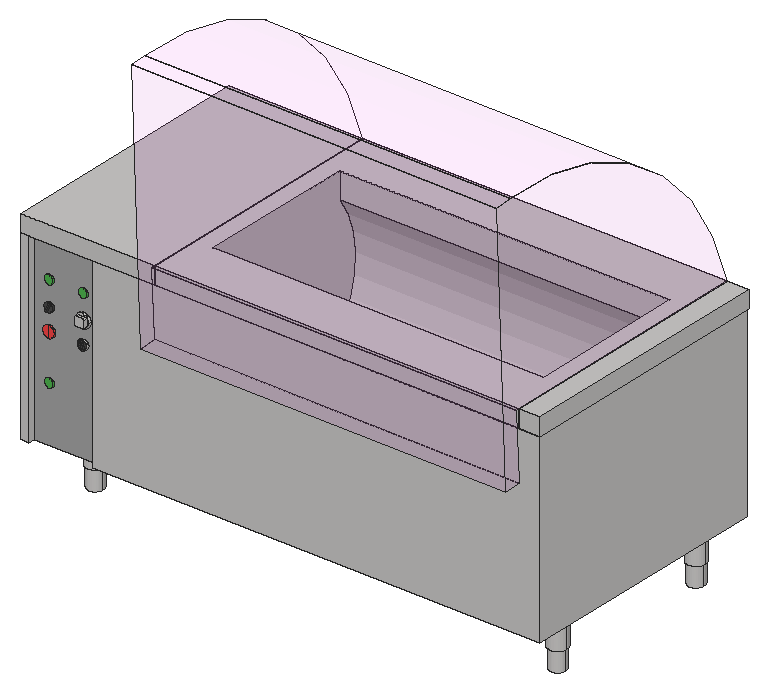
Revit family "QF_ELECTROLUXPROFESSIONAL_660036_LV500R", category Attrezzature speciali, Revit 2020
Family settings
  Quota connettore circolare = Usa diametro
  Tipo di parte = Normale
  Basato su piano di lavoro = No
  Sempre verticale = Sì
  Taglio con vuoti quando caricato = No
  Condiviso = No
  Punto di calcolo locali = No
Parameters (values of type "Standard")
  Weight = 242.00 kg
  Watts = 1600 W
  Volts = 400 V
  URL Manufacturer = "https://www.electroluxprofessional.com/"
  URL = "https://www.electroluxprofessional.com/"
  Steam Supply Size = 0 mm
  Steam Supply Minimum Pressure = 0.0 Pa
  Steam Supply Maximum Pressure = 0.0 Pa
  Steam Consumption per Hour = 0
  Show Clearance [instance] = yes
  Refrigeration Suction Line Size = 0 mm
  Refrigeration Liquid Line Size = 0 mm
  Refrigerant Compressor Remote = yes
  Prospetto di default = 0 mm
  Produttore = "Electrolux Professional"
  Phase = 3
  Modello = "LV500R"
  Length Actual = 1800 mm  # constant formula
  Item Number = "660036"
  Hot Water Size = 0 mm
  Height Actual = 850 mm  # constant formula
  HP = "2.1 HP"
  Gas Size = 0 mm
  Gas KW = 0
  Gas Input Pressure = 0 W
  Direct Waste Size = 50.8 mm
  Descrizione = "TILTING BASKET VEGETABLE WASHER KG 14/70"
  Depth Actual = 1000 mm  # constant formula
  Cycle = 50 Hz
  Condensate Return Size = 0 mm
  Compressed Air Volume = 0.0 L/s
  Compressed Air Size = 0 mm
  Compressed Air Pressure = 0.0 Pa
  Cold Water Size = 25.4 mm
  Accessory = yes
Reference planes
  plane 1 "Center (Front/Back)": y = 0
  plane 2: z = 0
  plane 3 "Center (Left/Right)": x = 0
  plane 4: x = 0
  plane 5: z = 200
  plane 6: y = -450
  plane 7: z = 900
  plane 8 "RIGHT": x = 900
  plane 9 "LEFT": x = -900
  plane 10 "FRONT": y = -900
  plane 11: z = 1570
  plane 12: z = 670
  plane 13: y = -1000
  plane 14: x = -605
  plane 15: y = -138
  plane 16: through (-820, -660, 4198) normal (-0.7071, -0.7071, 0)
  plane 17: through (-820, -640, 4198) normal (0.7071, -0.7071, 0)
  plane 18: x = -605
  plane 19: y = -138
  plane 20: x = -434
Forms (mm)
  Extrusion 1, solid, material "QF_Finishes_Stainless Steel"
    sketch origin (0, 0, 0) x (1, 0, 0) y (0, 1, 0)
      loop
        line (-900, 0) -> (-900, -900) -> (-435.653, -900) -> (-435.653, 0) -> (-900, 0)
    from 840 to 900
  Extrusion 2, solid, material "QF_Finishes_Stainless Steel"
    sketch origin (400, 0, 0) x (1, 0, 0) y (0, 1, 0)
      loop
        line (-1300, -7.289) -> (-1300, -900) -> (-1270, -900) -> (-1270, -865) -> (-1050, -865) -> (-1050, -900) -> (500, -900) -> (500, -7.289) -> (-1300, -7.289)
    from 200 to 840
  Extrusion 3, void
    sketch origin (400, 0, 0) x (1, 0, 0) y (0, 1, 0)
      loop
        line (-835.653, -20) -> (-835.653, -885) -> (428.5, -885) -> (428.5, -20) -> (-835.653, -20)
    from 215.087 to 840
  Extrusion 4, solid, material "QF_Finishes_Stainless Steel"
    sketch origin (0, 0, 0) x (0, 1, 0) y (0, 0, 1)
      loop
        line (0, 900) -> (-900, 900) -> (-900, 840) -> (-730, 840)
        arc (-730, 840) -> (-450, 249.038) -> (-170, 840) r 361.814
        line (-170, 840) -> (0, 840) -> (0, 900)
    from -435.653 to 825
  Extrusion 5, void
    sketch origin (0, 0, 0) x (0, 1, 0) y (0, 0, 1)
      loop
        line (-176, 809.169) -> (-176, 922) -> (-724, 922) -> (-724, 809.169)
        arc (-724, 809.169) -> (-450, 265.684) -> (-176, 809.169) r 340.811
    from -374.256 to 770
  Extrusion 6, solid, material "QF_Finishes_Door Clearance", visible <- "Show Clearance"
    sketch origin (0, -100.892, 1606.048) x (0, -0.044534, 0.999008) y (0, -0.999008, -0.044534)
      loop
        line (0, 900) -> (-900, 900) -> (-900, 840) -> (-669.303, 840) -> (-709.841, -69.348)
        arc (-709.841, -69.348) -> (-190.07, 256.643) -> (0, 840) r 900
        line (0, 840) -> (0, 900)
    from -435.653 to 828.5
  Extrusion 7, solid, material "QF_Finishes_Gray"
    sketch origin (-148.75, 21.25, 0) x (1, 0, 0) y (0, 1, 0)
      loop
        line (-718.75, -888.75) -> (-718.75, -898.75) -> (-503.419, -898.75) -> (-503.419, -888.75) -> (-718.75, -888.75)
    from 200 to 840
  Extrusion 8, solid, material "QF_Finishes_Stainless Steel"
    sketch origin (-232.186, 2.692, 195) x (1, 0, 0) y (0, 1, 0)
      loop
        circle (-372.814, -140.692) r 8
    from 0 to 5
  Extrusion 9, solid, material "QF_Finishes_Stainless Steel"
    sketch origin (-447.596, -507.286, 198) x (1, 0, 0) y (0, 1, 0)
      loop
        line (-392.404, -132.714) -> (-392.404, -152.714) -> (-372.404, -152.714) -> (-372.404, -132.714) -> (-392.404, -132.714)
    from 0 to 2
  Extrusion 10, solid, material "QF_Finishes_Stainless Steel"
    sketch origin (1250, 0, 0) x (1, 0, 0) y (0, 1, 0)
      loop
        line (-425, 0) -> (-425, -900) -> (-350, -900) -> (-350, 0) -> (-425, 0)
    from 840 to 900
  Extrusion 11, solid, material "QF_Finishes_Stainless Steel"
    sketch origin (-232.186, 2.692, 195) x (1, 0, 0) y (0, 1, 0)
      loop
        circle (-372.814, -140.692) r 8
    from 0 to 5
  Extrusion 12, solid, material "QF_Finishes_Stainless Steel"
    sketch origin (-61.186, 32.711, 350.692) x (1, 0, 0) y (0, 0, 1)
      loop
        circle (-372.814, -140.692) r 8
    from 0 to 40
Cuts and joins
  Extrusion 3 cuts Extrusion 2
  Extrusion 5 cuts Extrusion 4
Dimensions and locks
  plane 7 to level = 900 mm
  plane 9 "LEFT" to plane 8 "RIGHT" = 1800 mm
  plane 1 "Center (Front/Back)" to plane 10 "FRONT" = 900 mm  (x2)
  plane 11 to level = 1570 mm
  plane 12 to level = 670 mm
  cut or joined group of Extrusion 2, Extrusion 3 to cut or joined group of Extrusion 2, Extrusion 3 = 1800 mm
  Extrusion 1 to level = 900 mm
  level to plane 5 = 200 mm
  plane 10 "FRONT" to plane 13 = 100 mm
  cut or joined group of Extrusion 2, Extrusion 3 to level = 200 mm
  nested 8 to plane 9 "LEFT" = 99.9 mm
  nested 10 to nested 8 = 1600.2 mm
  plane 8 "RIGHT" to nested 10 = 99.9 mm
  Extrusion 1 to cut or joined group of Extrusion 2, Extrusion 3 = 700 mm
  aligned and locked: level to plane 2
Nested families
  nested 1: "SPIA_GREEN - GRANDE" at (-816.25, -877.5, 715) x (-1, 0, 0) z (0, -1, 0), type "SPIA_GREEN - GRANDE"
  nested 2: "SPIA_GREEN - GRANDE" at (-698.75, -877.5, 715) x (-1, 0, 0) z (0, -1, 0), type "SPIA_GREEN - GRANDE"
  nested 3: "SPIA_GREEN - GRANDE" at (-816.25, -877.5, 395) x (-1, 0, 0) z (0, -1, 0), type "SPIA_GREEN - GRANDE"
  nested 4: "BOTTONE ROSSO LAVAVERDURE" at (-815.624, -877.5, 554.987) x (-1, 0, 0) z (0, -1, 0), type "BOTTONE ROSSO LAVAVERDURE"
  nested 5: "MANOPOLA NERA" at (-816.25, -877.5, 630) x (-0.8829, 0, 0.4695) z (0, -1, 0), type "MANOPOLA NERA"
  nested 6: "MANOPOLA NERA e ARGENTO" at (-699.256, -877.5, 554.259) x (-0.9455, 0, -0.3256) z (0, -1, 0), type "MANOPOLA NERA e ARGENTO"
  nested 7: "MANOPOLA ARGENTO" at (-699, -877.5, 630) x (-1, 0, 0) z (0, -1, 0), type "MANOPOLA ARGENTO"
  nested 8: "Piedino H200 - DISHWASHING" at (-800.1, -700, 0), type "Piedino H200 - DISHWASHING"
    with H 200 mm
  nested 9: "Piedino H200 - DISHWASHING" at (-800.1, -100, 0), type "Piedino H200 - DISHWASHING"
    with H 200 mm
  nested 10: "Piedino H200 - DISHWASHING" at (800.1, -700, 0) x (-1, 0, 0) z (0, 0, 1), type "Piedino H200 - DISHWASHING"
    with H 200 mm
  nested 11: "Piedino H200 - DISHWASHING" at (800.1, -100, 0) x (-1, 0, 0) z (0, 0, 1), type "Piedino H200 - DISHWASHING"
    with H 200 mm
Connectors
  piping at (-605, -138, 195), diameter 12.7
    settings: on Extrusion 8, index 22, connector inside diameter 609.6 mm, connector length 0 mm, flow factor 0, pipe flow 0.0 L/s, pressure drop 0.0 Pa, fitting loss kfactor 0, connector angle 0.00°, fixture units 0, engagement length 0 mm, angle of deflection 0.00°, flow configuration 0, flow direction 0, fitting loss method 0, system type 29, joint type 0, gender type 0, connector reference index -1, connector utility 0, adjustable connector no, is connector primary yes, connector description ""
  electrical at (-830, -650, 198)
    settings: on Extrusion 9, index 24, voltage 0 V, apparent load 0 VA, apparent load phase1 0 VA, apparent load phase2 0 VA, apparent load phase3 0 VA, power factor 1, load classification "Altro", number of poles 1, system type 30, power factor state 1, is connector primary yes, connector utility no, sub classification motor no, connector description "EI"
  piping at (-605, -138, 195), diameter 12.7
    settings: on Extrusion 11, index 26, connector inside diameter 609.6 mm, connector length 0 mm, flow factor 0, pipe flow 0.0 L/s, pressure drop 0.0 Pa, fitting loss kfactor 0, connector angle 0.00°, fixture units 0, engagement length 0 mm, angle of deflection 0.00°, flow configuration 0, flow direction 0, fitting loss method 0, system type 29, joint type 0, gender type 0, connector reference index -1, connector utility 0, adjustable connector no, is connector primary no, connector description "D"
  piping at (-434, 32.711, 210), diameter 12.7
    settings: on Extrusion 12, index 32, connector inside diameter 609.6 mm, connector length 0 mm, flow factor 0, pipe flow 0.0 L/s, pressure drop 0.0 Pa, fitting loss kfactor 0, connector angle 0.00°, fixture units 0, engagement length 0 mm, angle of deflection 0.00°, flow configuration 0, flow direction 0, fitting loss method 0, system type 29, joint type 0, gender type 0, connector reference index -1, connector utility 0, adjustable connector no, is connector primary no, connector description "CWI"
Definition of nested family "SPIA_GREEN - GRANDE"
  Parameters
    Default Elevation = 1219.2 mm
  Reference planes
    plane 1 "Centro (Fronte/Retro)": y = 0
    plane 2: z = 0
    plane 3 "Centro (Sinistra/Destra)": x = 0
  Forms (mm)
    Extrusion 1, solid
      sketch origin (0, 0, 0) x (1, 0, 0) y (0, 1, 0)
        loop
          line (-1219.2, 1219.2) -> (-1219.2, -1219.2) -> (1219.2, -1219.2) -> (1219.2, 1219.2) -> (-1219.2, 1219.2)
      from 0 to -304.8
    Extrusion 2, solid
      sketch origin (-367.513, 69.533, 3.175) x (-1, 0, 0) y (0, 1, 0)
        loop
          circle (-367.513, -69.533) r 15
      from 0 to 3.175
  Dimensions and locks
    aligned and locked: plane 2 to Extrusion 1
    aligned and locked: level to Extrusion 1
Definition of nested family "BOTTONE ROSSO LAVAVERDURE"
  Parameters (values of type "BOTTONE ROSSO LAVAVERDURE")
    Default Elevation = 1219.2 mm
  Reference planes
    plane 1 "Centro (Fronte/Retro)": y = 0
    plane 2: z = 0
    plane 3 "Centro (Sinistra/Destra)": x = 0
  Forms (mm)
    Extrusion 1, solid
      sketch origin (0, 0, 0) x (1, 0, 0) y (0, 1, 0)
        loop
          line (-1219.2, 1219.2) -> (-1219.2, -1219.2) -> (1219.2, -1219.2) -> (1219.2, 1219.2) -> (-1219.2, 1219.2)
      from 0 to -304.8
    Revolve 2, solid
      sketch origin (0, 0, 0) x (0, 1, 0) y (0, 0, 1)
        loop
          line (0, 5.035) -> (0, 0) -> (13.434, 0) -> (13.434, 2) -> (20, 2) -> (20, 5.035) -> (0, 5.035)
        axis (0, 0) -> (0, 5.035)
      angle from 0 to 360
  Dimensions and locks
    aligned and locked: plane 2 to Extrusion 1
    aligned and locked: level to Extrusion 1
Definition of nested family "MANOPOLA NERA"
  Parameters (values of type "MANOPOLA NERA")
    Default Elevation = 1219.2 mm
  Reference planes
    plane 1 "Centro (Fronte/Retro)": y = 0
    plane 2: z = 0
    plane 3 "Centro (Sinistra/Destra)": x = 0
  Forms (mm)
    Extrusion 1, solid
      sketch origin (0, 0, 0) x (1, 0, 0) y (0, 1, 0)
        loop
          line (-1219.2, 1219.2) -> (-1219.2, -1219.2) -> (1219.2, -1219.2) -> (1219.2, 1219.2) -> (-1219.2, 1219.2)
      from 0 to -304.8
    Extrusion 2, solid
      sketch origin (0, 0, 0) x (1, 0, 0) y (0, 1, 0)
        loop
          circle (0, 0) r 15
      from 0 to 5.035
    Extrusion 3, solid
      sketch origin (0, 0, 0) x (1, 0, 0) y (0, 1, 0)
        loop
          arc (-2.5, -14.79) -> (0, -15) -> (2.5, -14.79) r 15
          line (2.5, -14.79) -> (2.5, 14.79)
          arc (2.5, 14.79) -> (0, 15) -> (-2.5, 14.79) r 15
          line (-2.5, 14.79) -> (-2.5, -14.79)
      from 5.035 to 9.025
  Dimensions and locks
    aligned and locked: plane 2 to Extrusion 1
    aligned and locked: level to Extrusion 1
Definition of nested family "MANOPOLA NERA e ARGENTO"
  Parameters (values of type "MANOPOLA NERA e ARGENTO")
    Default Elevation = 1219.2 mm
  Reference planes
    plane 1 "Centro (Fronte/Retro)": y = 0
    plane 2: z = 0
    plane 3 "Centro (Sinistra/Destra)": x = 0
  Forms (mm)
    Extrusion 1, solid
      sketch origin (0, 0, 0) x (1, 0, 0) y (0, 1, 0)
        loop
          line (-1219.2, 1219.2) -> (-1219.2, -1219.2) -> (1219.2, -1219.2) -> (1219.2, 1219.2) -> (-1219.2, 1219.2)
      from 0 to -304.8
    Extrusion 2, solid
      sketch origin (0, 0, 0) x (1, 0, 0) y (0, 1, 0)
        loop
          circle (0, 0) r 15
      from 0 to 5.035
    Extrusion 3, solid
      sketch origin (0, 0, 0) x (1, 0, 0) y (0, 1, 0)
        loop
          arc (-2.5, -14.79) -> (0, -15) -> (2.5, -14.79) r 15
          line (2.5, -14.79) -> (2.5, 14.79)
          arc (2.5, 14.79) -> (0, 15) -> (-2.5, 14.79) r 15
          line (-2.5, 14.79) -> (-2.5, -14.79)
      from 5.035 to 9.025
    Extrusion 4, solid
      sketch origin (0, 0, 0) x (1, 0, 0) y (0, 1, 0)
        loop
          circle (0, 0) r 17
        loop
          circle (0, 0) r 15.5
      from 0 to 5.035
  Dimensions and locks
    aligned and locked: plane 2 to Extrusion 1
    aligned and locked: level to Extrusion 1
Definition of nested family "MANOPOLA ARGENTO"
  Parameters (values of type "MANOPOLA ARGENTO")
    Default Elevation = 1219.2 mm
  Reference planes
    plane 1 "Centro (Fronte/Retro)": y = 0
    plane 2: z = 0
    plane 3 "Centro (Sinistra/Destra)": x = 0
  Forms (mm)
    Extrusion 1, solid
      sketch origin (0, 0, 0) x (1, 0, 0) y (0, 1, 0)
        loop
          line (-1219.2, 1219.2) -> (-1219.2, -1219.2) -> (1219.2, -1219.2) -> (1219.2, 1219.2) -> (-1219.2, 1219.2)
      from 0 to -304.8
    SweptBlend 2, solid
      path origin (0, 0, 0) x (0, 1, 0) y (0, 0, 1)
        loop
          line (0, 0) -> (0, 6.013)
      profile origin (0, 0, 0) x (0, -1, 0) y (1, 0, 0)
        loop
          circle (0, 0) r 25
      end profile origin (0, 0, 6.013) x (0, -1, 0) y (1, 0, 0)
        loop
          circle (0, 0) r 23
    Extrusion 3, solid
      sketch origin (0, 0, 0) x (1, 0, 0) y (0, 1, 0)
        loop
          line (-13.08, 15.833) -> (-15.833, 13.08) -> (-15.833, -12.341) -> (-12.341, -15.833) -> (12.341, -15.833) -> (15.833, -12.341) -> (15.833, 12.341) -> (12.341, 15.833) -> (-13.08, 15.833)
      from 6.013 to 18
  Dimensions and locks
    aligned and locked: plane 2 to Extrusion 1
    aligned and locked: level to Extrusion 1
Definition of nested family "Piedino H200 - DISHWASHING"
  Parameters (values of type "Piedino H200 - DISHWASHING")
    Default Elevation = 0 mm
    H [instance] = 200 mm
  Reference planes
    plane 1 "Centro (Fronte/Retro)": y = 0
    plane 2: z = 0
    plane 3 "Centro (Sinistra/Destra)": x = 0
    plane 4: z = 70.047
  Forms (mm)
    Revolve 1, solid
      sketch origin (55, 0, 0) x (-1, 0, 0) y (0, 0, -1)
        loop
          line (55, 0) -> (27.6, 0) -> (27.6, -70.047) -> (22.6, -70.047) -> (22.6, -200) -> (55, -200) -> (55, 0)
        axis (55, 0) -> (55, -200)
      angle from 0 to 360
  Dimensions and locks
    "H": Revolve 1 to plane 2
    aligned and locked: level to plane 2
  Automatic sketch dimensions
    Revolve 1 sketch curve to plane 4 = 0 mm
    Revolve 1 sketch curve to level = 0 mm
    Revolve 1 sketch curve to plane 3 "Centro (Sinistra/Destra)" = 0 mm  (x2)
    plane 3 "Centro (Sinistra/Destra)" to Revolve 1 sketch curve = 27.4 mm
    Revolve 1 sketch curve to Revolve 1 sketch curve = 5 mm
    Revolve 1 sketch curve to plane 4 = 129.953 mm
    Revolve 1 sketch curve to Revolve 1 sketch curve = 0 mm
    Revolve 1 sketch curve to Revolve 1 sketch curve = 20 mm
